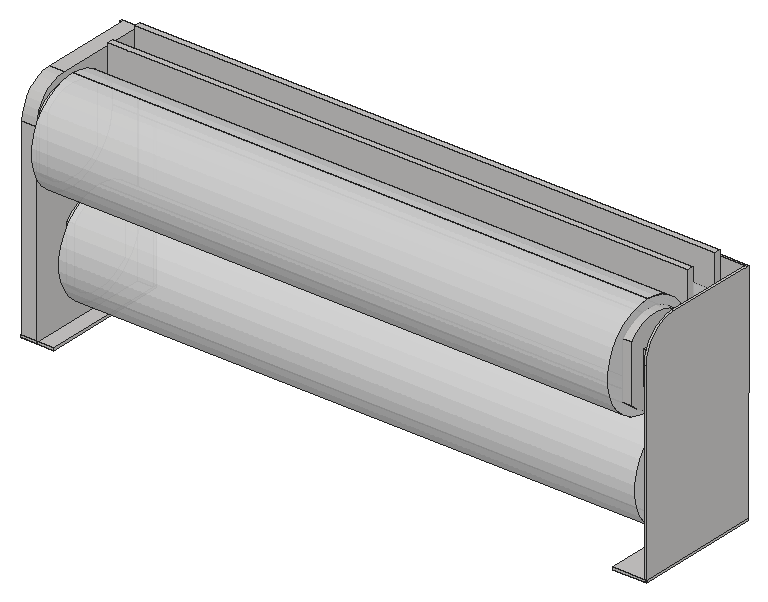
Revit family "Roller_Shades-Lutron-Dual_Ceiling_Mount-Roller_64", category Specialty Equipment, host Face, Revit 2017
Family settings
  Host = Face
  Round Connector Dimension = Use Diameter
  Part Type = Normal
  OmniClass Number = 23.30.60.14.21
  OmniClass Title = Shades
  Cut with Voids When Loaded = No
  Shared = No
  Room Calculation Point = No
Parameters (values of type "Roller 64 - Ceiling Mount")
  Warranty URL = "http://www.lutron.com/en-US/Service-Support/Pages/Service/Warranty/Warranty.aspx"
  Video Link = "https://www.youtube.com/user/LutronElectronicsInc"
  Version = "2017 - v1.0b"  # constant formula
  URL = "http://www.lutron.com"
  Type Comments = ""
  Support Phone = "(224) 699-9545"  # constant formula
  Support Email = "mailto: support@anguleris.com"
  Shade Width [instance] = 1' - 6"
  Shade Size Available [instance] = if(Actual Shade Height < Shade Height, "No, height exceeds 5:1 ratio limit, use larger roller", if(Shade Area < Maximum Shade Area, "Yes", "Shade Size Unavailable"))  # "Yes"
  Shade Material = Fabric - Lutron - Linen - White
  Shade Height [instance] = 0' - 7"
  Shade Area [instance] = Shade Width * Actual Shade Height  # 0.875 SF
  Series = "Sivoia QS"
  Right Drive [instance] = no
  Product Page URL = "http://www.lutron.com/en-US/Products/Pages/ShadingSystems/SivoiaQS/WindowTreatments/RollerShades/RollerShades.aspx"
  Product Name = "Roller 64 - Dual Motorized Roller Shades - Ceiling Mount"
  Product Documentation Link = "http://www.lutron.com/TechnicalDocumentLibrary/086102%20a.pdf"
  Pocket Mount Enclosure = Overall Depth = 0' 6"  # no
  Pocket Mount Bracket Offset = if(Overall Depth = 0' 6", 0' 0 15/256", 0' 0")  # 0' - 0"
  Performance URL = "http://www.lutron.com/en-US/Service-Support/Pages/Technical/PerfomanceSpecs.aspx"
  Overall Width [instance] = if(Shade Width < 1' 6 1/2", 1' 6 1/2", if(Shade Width > 8' 0", 8' 0", Shade Width))  # 1' - 6 1/2"
  Overall Height [instance] = if([3D Shade Height Visibility], Shade Height, 0' 7")  # 0' - 7"
  Overall Depth = 0' - 4 101/256"
  No Pocket = not(Pocket Mount Enclosure)  # yes
  Mounting = "Ceiling"
  Model = "Roller 64"
  Maximum Shade Area = 64.00 SF  # constant formula
  Manufacturer Phone Number = "610-282-3800"  # constant formula
  Manufacturer Fax Number = "610-282-1243"  # constant formula
  Manufacturer Email = "mailto:support@lutron.com"
  Manufacturer Address = "7200 Suter Rd, Coopersburg, PA 18036"  # constant formula
  Manufacturer = "Lutron Electronics Co., Inc"  # constant formula
  Lineal Requirements [instance] = ""
  Left Drive [instance] = no
  Keynote = ""
  Instruction Sheet Link = "http://www.lutron.com/TechnicalDocumentLibrary/045-184%20R64%20Dual%20Chassis%2011X17%2004_02.pdf"
  Fabric Roll Detail = "Standard"
  Fabric Options [instance] = ""
  Fabric Collection [instance] = ""
  Description = "Dual Motorized Roller Shades"
  Default Elevation = 0' - 0"
  Cost Info = "mailto:sales@lutron.com"
  Cost = 0
  Copyright = "© 2019 Lutron Electronics Co., Inc."  # constant formula
  Control Technology [instance] = ""
  Bottom Bar [instance] = ""
  Assembly Code = "E2010320"
  Actual Shade Height [instance] = if(Shade Height > Shade Width * 5, Shade Width * 5, Shade Height)  # 0' - 7"
  3D Shade Height Visibility [instance] = no
Types (2): name | Product Name | Pocket Mount Enclosure | Pocket Mount Bracket Offset | Overall Depth | No Pocket | Mounting
  Roller 64 - Pocket Mount | "Roller 64 - Dual Motorized Roller Shades - Pocket Mount" | yes | 0' - 0 15/256" | 0' - 6" | no | "Pocket"
  Roller 64 - Ceiling Mount | "Roller 64 - Dual Motorized Roller Shades - Ceiling Mount" | no | 0' - 0" | 0' - 4 101/256" | yes | "Ceiling"
Reference planes (in)
  plane 1 "Center (Front/Back)": y = 0
  plane 2: z = 0
  plane 3 "Center (Left/Right)": x = 0
  plane 4: z = 1.94141
  plane 5: z = 5.3125
  plane 6: z = 6
  plane 7: z = 7
  plane 8: z = 0
  plane 9: z = 0.05859
  plane 10: y = 2.132
  plane 11: y = 2.26091
  plane 12: y = -2.132
  plane 13: y = -3.73909
  plane 14: x = -9.25
  plane 15: x = 9.25
  plane 16: x = 8.5
  plane 17: x = -8.5
  plane 18: y = -0.632
  plane 19: y = 0.368
Forms (in)
  Extrusion 1, solid, material "Metal - Lutron", detail levels medium+fine
    sketch origin (-8.75, -45.868, -56.625) x (0, 0, -1) y (0, 1, 0)
      loop
        line (-63.375, 48) -> (-63.375, 45.25)
        arc (-63.375, 45.25) -> (-63.08211, 44.54289) -> (-62.375, 44.25) r 1
        line (-62.375, 44.25) -> (-56.625, 44.25) -> (-56.625, 48) -> (-63.375, 48)
    from 0 to -0.44141
  Extrusion 2, solid, material "Metal - Lutron", detail levels medium+fine
    sketch origin (0, 2.132, 3.375) x (-1, 0, 0) y (0, 0, -1)
      loop
        line (9.25, 3.375) -> (8.25, 3.375) -> (8.25, -3.375) -> (9.25, -3.375) -> (9.25, 3.375)
      loop
        line (-9.25, 3.375) -> (-9.25, -3.375) -> (-8.25, -3.375) -> (-8.25, 3.375) -> (-9.25, 3.375)
    from 0 to 0.06
  Extrusion 3, solid, material "Metal - Lutron", detail levels medium+fine
    sketch origin (9.25, -45.868, -56.625) x (0, 0, -1) y (0, -1, 0)
      loop
        line (-63.375, -48) -> (-56.625, -48) -> (-56.625, -44.25) -> (-62.375, -44.25)
        arc (-62.375, -44.25) -> (-63.08211, -44.54289) -> (-63.375, -45.25) r 1
        line (-63.375, -45.25) -> (-63.375, -48)
    from 0 to 0.05859
  Extrusion 4, solid, material "Fabric - Lutron - Linen - White" <- "Shade Material"
    sketch origin (0, 2.132, 1.94141) x (0, 0, -1) y (0, -1, 0)
      loop
        circle (0, 1.764) r 1.5
    from -8.5 to 8.5
  Extrusion 5, solid, material "Metal - Lutron"
    sketch origin (0, 0.368, 3.70541) x (0, 1, 0) y (0, 0, -1)
      loop
        line (-0.91904, 2.61127) -> (-0.91904, 0.91673)
        arc (-0.91904, 0.91673) -> (0, 0.514) -> (0.91904, 0.91673) r 1.25
        line (0.91904, 0.91673) -> (0.91904, 2.61127)
        arc (0.91904, 2.61127) -> (0, 3.014) -> (-0.91904, 2.61127) r 1.25
    from 8.5 to 8.75
  Extrusion 6, solid, material "Metal - Lutron", detail levels medium+fine
    sketch origin (0, 2.132, 1.94141) x (0, 0, -1) y (0, -1, 0)
      loop
        line (-0.5, 2.264) -> (-0.5, 1.264) -> (0.5, 1.264) -> (0.5, 2.264) -> (-0.5, 2.264)
    from 8.75 to 9.19141
  Extrusion 7, solid, material "Metal - Lutron"
    sketch origin (0, 0.368, 3.70541) x (0, 1, 0) y (0, 0, 1)
      loop
        arc (-0.91904, -2.61127) -> (0, -3.014) -> (0.91904, -2.61127) r 1.25
        line (0.91904, -2.61127) -> (0.91904, -0.91673)
        arc (0.91904, -0.91673) -> (0, -0.514) -> (-0.91904, -0.91673) r 1.25
        line (-0.91904, -0.91673) -> (-0.91904, -2.61127)
    from 8.5 to 8.75
  Extrusion 8, solid, material "Metal - Lutron", detail levels medium+fine
    sketch origin (0, 2.132, 1.94141) x (0, 0, -1) y (0, 1, 0)
      loop
        line (-0.5, -2.264) -> (0.5, -2.264) -> (0.5, -1.264) -> (-0.5, -1.264) -> (-0.5, -2.264)
    from 8.75 to 9.19141
  Extrusion 9, solid, material "Fabric - Lutron - Linen - White" <- "Shade Material"
    sketch origin (0, 1.868, 1.94141) x (-1, 0, 0) y (0, 0, -1)
      loop
        line (-8.5, 0) -> (-8.5, -4.05859) -> (8.5, -4.05859) -> (8.5, 0) -> (-8.5, 0)
    from 0 to 0.0625
  Extrusion 10, solid, material "Metal - Lutron"
    sketch origin (0, 5.1945, 1.94141) x (0, 0, -1) y (0, -1, 0)
      loop
        line (-4.05859, 3.4515) -> (-5.05859, 3.4515) -> (-5.05859, 3.264) -> (-4.05859, 3.264) -> (-4.05859, 3.4515)
    from -8.5625 to 8.5625
  Extrusion 11, solid, material "Fabric - Lutron - Linen - White" <- "Shade Material"
    sketch origin (0, 1.132, 5.3125) x (0, 0, -1) y (0, -1, 0)
      loop
        circle (0, 1.764) r 1.5
    from -8.5 to 8.5
  Extrusion 12, solid, material "Metal - Lutron"
    sketch origin (0, -0.632, 7.0765) x (0, 1, 0) y (0, 0, -1)
      loop
        line (-0.91904, 2.61127) -> (-0.91904, 0.91673)
        arc (-0.91904, 0.91673) -> (0, 0.514) -> (0.91904, 0.91673) r 1.25
        line (0.91904, 0.91673) -> (0.91904, 2.61127)
        arc (0.91904, 2.61127) -> (0, 3.014) -> (-0.91904, 2.61127) r 1.25
    from 8.5 to 8.75
  Extrusion 13, solid, material "Metal - Lutron", detail levels medium+fine
    sketch origin (0, 1.132, 5.3125) x (0, 0, -1) y (0, -1, 0)
      loop
        line (-0.5, 2.264) -> (-0.5, 1.264) -> (0.5, 1.264) -> (0.5, 2.264) -> (-0.5, 2.264)
    from 8.75 to 9.19141
  Extrusion 14, solid, material "Metal - Lutron"
    sketch origin (0, -0.632, 7.0765) x (0, 1, 0) y (0, 0, 1)
      loop
        arc (-0.91904, -2.61127) -> (0, -3.014) -> (0.91904, -2.61127) r 1.25
        line (0.91904, -2.61127) -> (0.91904, -0.91673)
        arc (0.91904, -0.91673) -> (0, -0.514) -> (-0.91904, -0.91673) r 1.25
        line (-0.91904, -0.91673) -> (-0.91904, -2.61127)
    from 8.5 to 8.75
  Extrusion 15, solid, material "Metal - Lutron", detail levels medium+fine
    sketch origin (0, 1.132, 5.3125) x (0, 0, -1) y (0, 1, 0)
      loop
        line (-0.5, -2.264) -> (0.5, -2.264) -> (0.5, -1.264) -> (-0.5, -1.264) -> (-0.5, -2.264)
    from 8.75 to 9.19141
  Extrusion 16, solid, material "Fabric - Lutron - Linen - White" <- "Shade Material"
    sketch origin (0, 0.868, 5.3125) x (-1, 0, 0) y (0, 0, -1)
      loop
        line (-8.5, 0) -> (-8.5, -0.6875) -> (8.5, -0.6875) -> (8.5, 0) -> (-8.5, 0)
    from 0 to 0.0625
  Extrusion 17, solid, material "Metal - Lutron"
    sketch origin (0, 4.0695, 5.3125) x (0, 0, -1) y (0, -1, 0)
      loop
        line (-0.6875, 3.3265) -> (-1.6875, 3.3265) -> (-1.6875, 3.139) -> (-0.6875, 3.139) -> (-0.6875, 3.3265)
    from -8.5625 to 8.5625
  Extrusion 18, solid, material "Metal - Lutron", detail levels medium+fine
    sketch origin (0, 2.132, -1.82031) x (-1, 0, 0) y (0, -1, 0)
      loop
        line (-8.25, 0) -> (-8.25, 3.75) -> (-9.25, 3.75) -> (-9.25, 0) -> (-8.25, 0)
      loop
        line (8.25, 0) -> (9.25, 0) -> (9.25, 3.75) -> (8.25, 3.75) -> (8.25, 0)
    from 1.82031 to 1.87891
  Extrusion 19, solid, material "Metal - Lutron", visible <- "Pocket Mount Enclosure"
    sketch origin (0, 0, 0) x (0, -1, 0) y (0, 0, 1)
      loop
        line (-2.26091, 7) -> (-2.26091, 0) -> (3.73909, 0) -> (3.73909, 7) -> (3.6805, 7) -> (3.6805, 0.05859) -> (-2.20231, 0.05859) -> (-2.20231, 7) -> (-2.26091, 7)
    from -9.25 to 9.25
  Extrusion 20, solid, material "Metal - Lutron", visible <- "Pocket Mount Enclosure"
    sketch origin (0, 0, 0) x (0, -1, 0) y (0, 0, 1)
      loop
        line (3.6805, 7) -> (0.11409, 7) -> (0.11409, 6.94141) -> (3.6805, 6.94141) -> (3.6805, 7)
    from -9.25 to 9.25
  Extrusion 21, solid, material "Metal - Lutron", visible <- "Pocket Mount Enclosure"
    sketch origin (0, 0, 0) x (1, 0, 0) y (0, 1, 0)
      loop
        line (-9.25, 2.26091) -> (-9.30859, 2.26091) -> (-9.30859, -3.73909) -> (-9.25, -3.73909) -> (-9.25, 2.26091)
      loop
        line (9.25, 2.26091) -> (9.25, -3.73909) -> (9.30859, -3.73909) -> (9.30859, 2.26091) -> (9.25, 2.26091)
    from 0 to 7
Cuts and joins
  joined: Extrusion 4, Extrusion 9
  joined: Extrusion 11, Extrusion 16
  joined: Extrusion 1, Extrusion 2, Extrusion 3
Lines and regions (in)
  Masking region 1, visible <- "No Pocket"
    outline origin (0, 0.55104, 1.94141) x (0, -1, 0) y (1, 0, 0)
      loop
        line (-1.31696, 9.25) -> (-1.31696, -9.25) -> (1.68304, -9.25) -> (1.68304, 9.25) -> (-1.31696, 9.25)
  Masking region 2, visible <- "Pocket Mount Enclosure"
    outline origin (0, 0, 0) x (1, 0, 0) y (0, 1, 0)
      loop
        line (-9.25, 2.26091) -> (-9.25, -3.73909) -> (9.25, -3.73909) -> (9.25, 2.26091) -> (-9.25, 2.26091)
  symbolic lines
    curve 1: line (-8.5, 1.368, 5.3125) -> (8.5, 1.368, 5.3125)
    curve 2: line (-8.5, 0.618, 5.3125) -> (8.5, 0.618, 5.3125)
  symbolic lines, visible <- "No Pocket"
    curve 3: line (-8.5, -1.132, 5.3125) -> (-8.5, -2.132, 5.3125)
    curve 4: line (-8.5, -2.132, 5.3125) -> (8.5, -2.132, 5.3125)
    curve 5: line (8.5, -2.132, 5.3125) -> (8.5, -1.132, 5.3125)
Dimensions and locks (in)
  locked: Extrusion 10 sketch curve to Extrusion 10 sketch curve at 0.1875
  plane 18 to Extrusion 17 sketch curve to Extrusion 17 sketch curve = 0' - 1 3/8" locked, 0' - 0 3/16" locked
  locked: plane 5 to Extrusion 13 sketch curve at 0.5
  locked: Extrusion 13 sketch curve to plane 18 at 0.5
  locked: plane 4 to Extrusion 6 sketch curve at 0.5
  locked: Extrusion 6 sketch curve to plane 19 at 0.5
  locked: plane 5 to Extrusion 15 sketch curve at 0.5
  locked: Extrusion 15 sketch curve to plane 18 at 0.5
  locked: plane 4 to Extrusion 5 sketch curve at 0.84727  (x2)
  locked: plane 19 to Extrusion 5 sketch curve at 0.91904
  Extrusion 7 sketch curve to plane 4 to Extrusion 7 sketch curve = 0' - 0.84727" locked, 0' - 0.84727" locked  (x2)
  Extrusion 7 sketch curve to plane 19 to Extrusion 7 sketch curve = 0' - 0.91904" locked, 0' - 0.91904" locked
  Extrusion 14 sketch curve to plane 5 to Extrusion 14 sketch curve = 0' - 0.84727" locked, 0' - 0.84727" locked  (x2)
  Extrusion 14 sketch curve to plane 18 to Extrusion 14 sketch curve = 0' - 0.91904" locked, 0' - 0.91904" locked
  locked: plane 4 to Extrusion 8 sketch curve at 0.5
  locked: Extrusion 8 sketch curve to plane 19 at 0.5
  locked: plane 5 to Extrusion 12 sketch curve at 0.84727  (x2)
  locked: plane 18 to Extrusion 12 sketch curve at 0.91904
  locked: plane 9 to plane 8 at 0.05859
  equal spacing: plane 14, plane 3 "Center (Left/Right)", plane 15
  "Overall Width": plane 14 to plane 15
  locked: plane 16 to plane 15 at 0.75
  locked: plane 14 to plane 17 at 0.75
  locked: plane 1 "Center (Front/Back)" to plane 11 at 2.26091
  locked: plane 10 to plane 11 at 0.12891
  locked: plane 12 to plane 11 at 4.39291
  locked: plane 13 to plane 11 at 6
  "Pocket Mount Bracket Offset": plane 8 to plane 2
  locked: plane 4 to plane 2 at 1.94141
  locked: plane 5 to plane 2 at 5.3125
  "Overall Height": plane 7 to plane 2
  locked: plane 7 to plane 6 at 1
  locked: Extrusion 19 sketch curve to plane 2 at 0.05859
  locked: Extrusion 19 sketch curve to plane 11 at 0.05859
  locked: plane 13 to Extrusion 19 sketch curve at 0.05859
  locked: Extrusion 19 sketch curve to plane 2 at 7  (x2)
  locked: plane 15 to Extrusion 21 sketch curve at 0.05859
  locked: Extrusion 21 sketch curve to plane 14 at 0.05859
  locked: Extrusion 21 to plane 2 at 7
  locked: Extrusion 21 to plane 4 at 5.05859
  plane 18 to plane 1 "Center (Front/Back)" to plane 19 = 0' - 0.632" locked, 0' - 0.368" locked
  locked: plane 18 to Extrusion 11 sketch curve at 0
  locked: plane 5 to Extrusion 11 sketch curve at 0
  locked: plane 19 to Extrusion 4 sketch curve at 0
  locked: plane 4 to Extrusion 4 sketch curve at 0
  locked: plane 16 to Extrusion 14 at 0.25
  locked: Extrusion 14 to plane 15 at 0.5
  locked: Extrusion 12 to plane 17 at 0.25
  locked: plane 14 to Extrusion 12 at 0.5
  locked: plane 16 to Extrusion 7 at 0.25
  locked: Extrusion 7 to plane 15 at 0.5
  locked: Extrusion 5 to plane 17 at 0.25
  locked: plane 14 to Extrusion 5 at 0.5
  Extrusion 3 sketch curve to Extrusion 3 sketch curve to plane 1 "Center (Front/Back)" to Extrusion 3 sketch curve = 0' - 1" locked, 0' - 0.618" locked, 0' - 2.132" locked
  Extrusion 3 sketch curve to Extrusion 3 sketch curve to plane 5 = 0' - 1" locked, 0' - 0 7/16" locked
  locked: plane 15 to Extrusion 3 at 0.05859
  locked: Extrusion 3 to plane 16 at 0.69141
  locked: Extrusion 18 sketch curve to plane 15 at 1
  locked: Extrusion 18 sketch curve to plane 1 "Center (Front/Back)" at 1.618  (x2)
  locked: plane 14 to Extrusion 18 sketch curve at 1
  locked: plane 14 to Extrusion 1 at 0.05859
  locked: Extrusion 1 to plane 17 at 0.69141
  plane 13 to Extrusion 20 sketch curve to Extrusion 20 sketch curve = 0' - 0 15/256" locked, 0' - 3 145/256" locked
  Extrusion 20 sketch curve to Extrusion 20 sketch curve to plane 5 = 0' - 0 15/256" locked, 0' - 1 161/256" locked
  Extrusion 1 sketch curve to Extrusion 1 sketch curve to plane 1 "Center (Front/Back)" to Extrusion 1 sketch curve = 0' - 1" locked, 0' - 0.618" locked, 0' - 2.132" locked
  Extrusion 1 sketch curve to Extrusion 1 sketch curve to plane 5 = 0' - 1" locked, 0' - 0 7/16" locked
  locked: Extrusion 17 to plane 17 at 0.0625  (x2)
  locked: plane 14 to Extrusion 17 at 0.6875
  locked: Extrusion 17 to plane 16 at 0.0625  (x2)
  locked: plane 15 to Extrusion 17 at 0.6875
  locked: plane 18 to Extrusion 16 at 1.4375
  locked: Extrusion 16 to plane 11 at 1.39291
  locked: Extrusion 16 to Extrusion 16 at 0.0625
  locked: Extrusion 9 to plane 11 at 0.39291
  locked: plane 19 to Extrusion 9 at 1.4375
  locked: Extrusion 9 to Extrusion 9 at 0.0625
  locked: plane 19 to Masking region 1 sketch curve at 1.5
  locked: plane 14 to Extrusion 2 sketch curve at 1
  locked: plane 15 to Extrusion 2 sketch curve at 1
  locked: Extrusion 2 sketch curve to plane 2 at 6.75  (x2)
  equal spacing: Masking region 1, curve 1, Extrusion 8
  plane 1 "Center (Front/Back)" to curve 2 to curve 1 = 0' - 0.618" locked, 0' - 0 3/4" locked
  locked: curve 3 to plane 12 at 1
  locked: curve 5 to plane 12 at 1
  locked: Extrusion 10 sketch curve to plane 10 at 0.2015
  locked: Extrusion 8 sketch curve to plane 4 at 0.5
  locked: plane 19 to Extrusion 8 sketch curve at 0.5
  locked: Extrusion 6 sketch curve to plane 4 at 0.5
  locked: plane 19 to Extrusion 6 sketch curve at 0.5
  locked: plane 18 to Extrusion 15 sketch curve at 0.5
  locked: Extrusion 15 sketch curve to plane 5 at 0.5
  locked: plane 18 to Extrusion 13 sketch curve at 0.5
  locked: Extrusion 13 sketch curve to plane 5 at 0.5
  locked: Extrusion 5 sketch curve to plane 4 at 0.84727  (x2)
  locked: Extrusion 5 sketch curve to plane 19 at 0.91904
  locked: Extrusion 12 sketch curve to plane 5 at 0.84727  (x2)
  locked: Extrusion 12 sketch curve to plane 18 at 0.91904
  locked: plane 14 to cut or joined group of Extrusion 1, Extrusion 2, Extrusion 3 at 0.5
  locked: plane 10 to cut or joined group of Extrusion 1, Extrusion 2, Extrusion 3 at 0.06
  radius of Extrusion 4 sketch curve = 0' - 1 1/2"
  radius of Extrusion 11 sketch curve = 0' - 1 1/2"
  radius of Extrusion 1 sketch curve = 0' - 1"
  radius of Extrusion 12 sketch curve = 0' - 1 1/4"  (x2)
  radius of Extrusion 5 sketch curve = 0' - 1 1/4"  (x2)
  radius of Extrusion 7 sketch curve = 0' - 1 1/4"  (x2)
  radius of Extrusion 14 sketch curve = 0' - 1 1/4"  (x2)
  radius of Extrusion 3 sketch curve = 0' - 1"
  aligned and locked: plane 2 to host face
  aligned and locked: level to host face
  aligned and locked: Extrusion 5 to Extrusion 6
  aligned and locked: Extrusion 7 to Extrusion 8
  aligned and locked: Extrusion 12 to Extrusion 13
  aligned and locked: Extrusion 14 to Extrusion 15
  aligned: plane 7 to Extrusion 21
  aligned and locked: Extrusion 21 to plane 2
  aligned and locked: Extrusion 19 sketch curve to plane 13
  aligned and locked: plane 11 to Extrusion 19 sketch curve
  aligned and locked: plane 2 to Extrusion 19 sketch curve
  aligned and locked: plane 14 to Extrusion 19
  aligned and locked: plane 15 to Extrusion 19
  aligned and locked: plane 14 to Extrusion 21 sketch curve
  aligned and locked: Extrusion 21 sketch curve to plane 13
  aligned and locked: plane 11 to Extrusion 21 sketch curve
  aligned and locked: Extrusion 21 sketch curve to plane 11
  aligned and locked: Extrusion 21 sketch curve to plane 15
  aligned and locked: plane 13 to Extrusion 21 sketch curve
  aligned and locked: plane 16 to Extrusion 11
  aligned and locked: plane 17 to Extrusion 11
  aligned and locked: plane 16 to Extrusion 4
  aligned and locked: plane 17 to Extrusion 4
  aligned and locked: Extrusion 14 to plane 16
  aligned and locked: Extrusion 12 to plane 17
  aligned and locked: Extrusion 7 to plane 16
  aligned and locked: Extrusion 5 to plane 17
  aligned and locked: Extrusion 15 to Extrusion 3
  aligned and locked: plane 8 to Extrusion 3 sketch curve
  aligned and locked: plane 15 to Extrusion 3
  aligned and locked: plane 10 to Extrusion 18 sketch curve
  aligned and locked: Extrusion 18 sketch curve to plane 15
  aligned and locked: Extrusion 18 sketch curve to plane 10
  aligned and locked: plane 14 to Extrusion 18 sketch curve
  aligned and locked: plane 9 to Extrusion 18
  aligned and locked: Extrusion 18 to plane 8
  aligned and locked: Extrusion 8 to Extrusion 3
  aligned and locked: Extrusion 1 to Extrusion 6
  aligned and locked: Extrusion 1 to Extrusion 13
  aligned and locked: plane 15 to Extrusion 20
  aligned and locked: plane 14 to Extrusion 20
  aligned and locked: plane 8 to Extrusion 1 sketch curve
  aligned and locked: Extrusion 17 sketch curve to plane 7
  aligned and locked: plane 6 to Extrusion 17 sketch curve
  aligned and locked: Extrusion 16 sketch curve to plane 17
  aligned and locked: Extrusion 16 sketch curve to plane 6
  aligned and locked: plane 5 to Extrusion 16 sketch curve
  aligned and locked: Extrusion 16 sketch curve to plane 16
  aligned and locked: Extrusion 9 sketch curve to plane 6
  aligned and locked: Extrusion 9 sketch curve to plane 16
  aligned and locked: Extrusion 9 sketch curve to plane 17
  aligned and locked: plane 4 to Extrusion 9 sketch curve
  aligned and locked: Masking region 1 sketch curve to cut or joined group of Extrusion 4, Extrusion 9
  aligned and locked: Masking region 1 sketch curve to plane 15
  aligned and locked: plane 14 to Masking region 1 sketch curve
  aligned and locked: Extrusion 2 sketch curve to plane 15
  aligned and locked: plane 14 to Extrusion 2 sketch curve
  aligned and locked: plane 8 to Extrusion 2 sketch curve
  aligned and locked: Extrusion 2 sketch curve to plane 8
  aligned and locked: plane 17 to curve 1
  aligned and locked: plane 16 to curve 1
  aligned and locked: Masking region 2 sketch curve to plane 14
  aligned and locked: Masking region 2 sketch curve to plane 15
  aligned and locked: plane 11 to Masking region 2 sketch curve
  aligned and locked: Masking region 2 sketch curve to plane 13
  aligned and locked: plane 17 to curve 2
  aligned and locked: plane 16 to curve 2
  aligned and locked: plane 12 to curve 3
  aligned and locked: plane 17 to curve 3
  aligned and locked: plane 17 to curve 4
  aligned and locked: plane 12 to curve 5
  aligned and locked: plane 16 to curve 4
  aligned and locked: plane 7 to Extrusion 10
  aligned and locked: Extrusion 10 to plane 6
  aligned and locked: cut or joined group of Extrusion 1, Extrusion 2, Extrusion 3 to plane 10
Automatic sketch dimensions
  host sketch curve to host sketch curve = 8' - 0"  (x2)
  plane 7 to Extrusion 10 sketch curve = 0' - 0"
  plane 6 to Extrusion 10 sketch curve = 0' - 0"
Connectors (in)
  electrical at (9.25, 0.082, 3.85)
    settings: on cut or joined group of Extrusion 1, Extrusion 2, Extrusion 3, index 1, voltage 0 V, apparent load 0 VA, apparent load phase1 0 VA, apparent load phase2 0 VA, apparent load phase3 0 VA, power factor 1, load classification "Other", number of poles 1, system type 13, power factor state 1, is connector primary yes, connector utility no, sub classification motor no, connector description "Control Connection"
